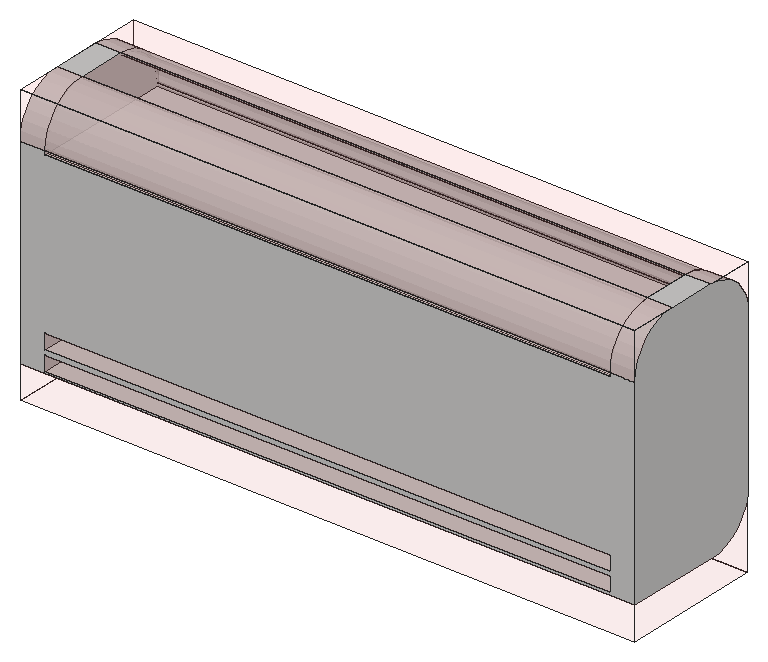
Revit family "Air-Curtain_Climate-Control_PoweredAire_EVE-Unheated", category Mechanical Equipment, host Face, Revit 2024
Family settings
  Host = Face
  Round Connector Dimension = Use Diameter
  Part Type = Normal
  OmniClass Number = 23.75.35.17.21
  OmniClass Title = Air Curtains
  Cut with Voids When Loaded = No
  Maintain Annotation Orientation = No
  Shared = No
  Room Calculation Point = No
Parameters
  Warranty Duration (Years) = 0
  Unit Width Notes = "Other Widths available."  # constant formula
  Unit Width = 3' - 1"
  Unit Weight = 59
  Unit Height = 0' - 8 1/2"  # constant formula
  Unit Depth = 1' - 2 205/256"  # constant formula
  URL = "http://www.poweredaire.com/"
  Test Data = ""
  Temperature Rise_Range = "27"
  Standards Conformance = "ETL  ;  Made in USA"
  Specification = "http://www.arcat.com/sdspecs/htm04/23_34_33pai.htm"
  SpecWizard = ""
  Sound Pressure = "53 dBA"
  Sales Information = "https://poweredaire.com/contact"
  Revision = ""
  Projection from Host [instance] = 0' - 2"
  Product Properties = ""
  Product Data = "http://www.arcat.com/arcatcos/cos47/arc47623.html"
  Power Rating = 0 W
  Outlet Volume_Range = "961 CFM"
  Outlet Velocity_Range = "1316 FPM"
  Nozzle Width = 2' - 11"
  Mounting Width = Unit Width - 0' 1"  # 3' - 0"
  Mounting Height [instance] = 3' - 6"
  Motor RPM = 1075
  Motor HP = 0.2
  Motor Count = 1
  Model = "EVE-1-36E"
  Max Height = 12' - 0"
  Manufacturer Website = "http://www.poweredaire.com/"
  Manufacturer Phone - Toll Free = "888-321-2473"
  Manufacturer Phone = "724-588-3305"
  Manufacturer Fax = "724-588-3371"
  Manufacturer Address = "109 Mortensen Rd.  Greenville, PA 16125"
  Manufacturer = "Powered Aire, Inc"
  Maintenance Schedule (Months) = 0
  Keynote = "23 34 33"
  Installation-Fabrication = ""
  Installation Phase = ""
  Include Clearance [instance] = yes
  Heating Element Load = 0 W
  HVAC_Temperature Rise [instance] = 0 °F
  HVAC_Outlet Volume [instance] = 0 CFM
  HVAC_Outlet Velocity Uniformity = 0.87
  HVAC_Outlet Velocity [instance] = 0 FPM
  Green Building-LEED = "http://www.arcat.com/green/clients/leed_data_47623.html"
  Front Grating Material [instance] = Metal - Steel - PoweredAire - Stainless 304 Perforated
  Frame Finish [instance] = Metal - Steel - PoweredAire - Stainless 304
  Expected Lifespan (Years) = 0
  Electrical_Wattage [instance] = Power Rating + Heating Element Load  # 0 W
  Electrical_Voltage [instance] = 0 V
  Electrical_Phase [instance] = 2
  Electrical_Frequency [instance] = 0 Hz
  Electrical_Amperage [instance] = 0 A
  Drawn By = ""
  Description = "Powered Aire Electrically Heated Climate Control Air Curtain - EVE-1-36E as Specified"
  Default Elevation = 0' - 0"  # constant formula
  Copyright = "©Arcat Inc."
  Construction Details = "http://www.arcat.com/details/powair/prod3336.html"
  Clearance_Top [instance] = 0' - 0"
  Clearance_Side B [instance] = 0' - 0"
  Clearance_Side A [instance] = 0' - 0"
  Clearance_Intake [instance] = 0' - 0"
  Clearance_Bottom [instance] = 0' - 0"
  Clearance Material [instance] = ARCAT Clearance
  Building Codes = ""
  Available Options [instance] = "as Specified"
  Assembly Code = "D3090400"
Reference planes (in)
  plane 1 "Center (Elevation)": y = 0.13818
  plane 2: z = 0
  plane 3 "Center (Left/Right)": x = 0
  plane 4: y = 4.38818
  plane 5: y = -4.11182
  plane 6: x = -18.5
  plane 7: x = 18.5
  plane 8: z = 16.80078
  plane 9 "FF": y = -41.86182
  plane 10: z = 2
  plane 11: x = 17
  plane 12: x = -17
  plane 13 "CL-3": y = 4.38818
  plane 14 "CL-2": y = -4.11182
  plane 15: x = -18.5
  plane 16: x = 18.5
  plane 17 "CL-1": z = 16.80078
  plane 18: z = 13.80078
Forms (in)
  Extrusion 1, solid, material "Metal - Steel - PoweredAire - Stainless 304" <- "Frame Finish"
    sketch origin (0, 0, 0) x (0, 1, 0) y (0, 0, 1)
      loop
        line (-4.11182, 14) -> (-4.11182, 2) -> (1.58818, 2)
        arc (1.58818, 2) -> (3.56808, 2.8201) -> (4.38818, 4.8) r 2.8
        line (4.38818, 4.8) -> (4.38818, 14)
        arc (4.38818, 14) -> (3.56808, 15.9799) -> (1.58818, 16.8) r 2.8
        line (1.58818, 16.8) -> (-1.31182, 16.80078)
        arc (-1.31182, 16.80078) -> (-3.29172, 15.9799) -> (-4.11182, 14) r 2.8
    from 17 to 18.5
  Extrusion 2, solid, material "Metal - Steel - PoweredAire - Stainless 304 Perforated" <- "Front Grating Material"
    sketch origin (0, 0, 0) x (0, 1, 0) y (0, 0, 1)
      loop
        arc (-1.31182, 16.8) -> (-3.29172, 15.9799) -> (-4.11182, 14) r 2.8
        line (-4.11182, 14) -> (-4.11182, 13.80078) -> (-3.98682, 13.80078) -> (-3.98682, 14)
        arc (-3.98682, 14) -> (-3.20333, 15.89151) -> (-1.31182, 16.675) r 2.675
        line (-1.31182, 16.675) -> (1.58818, 16.67578)
        arc (1.58818, 16.67578) -> (3.47969, 15.89151) -> (4.26318, 14) r 2.675
        line (4.26318, 14) -> (4.26318, 13.80078) -> (4.38818, 13.80078) -> (4.38818, 14)
        arc (4.38818, 14) -> (3.56808, 15.9799) -> (1.58818, 16.8) r 2.8
        line (1.58818, 16.8) -> (-1.31182, 16.8)
    from -17 to 17
  Extrusion 3, solid, material "ARCAT Clearance" <- "Clearance Material", visible <- "Include Clearance"
    sketch origin (0, 0, 0) x (0, 1, 0) y (0, 0, 1)
      loop
        line (-4.11182, 16.80078) -> (-4.11182, 0) -> (4.38818, 0) -> (4.38818, 16.80078) -> (-4.11182, 16.80078)
    from -18.5 to 18.5
  Extrusion 4, solid, material "Metal - Steel - PoweredAire - Stainless 304" <- "Frame Finish"
    sketch origin (0, 0, 0) x (0, 1, 0) y (0, 0, 1)
      loop
        line (-4.11182, 14) -> (-4.11182, 2) -> (1.58818, 2)
        arc (1.58818, 2) -> (3.56808, 2.8201) -> (4.38818, 4.8) r 2.8
        line (4.38818, 4.8) -> (4.38818, 14)
        arc (4.38818, 14) -> (3.56808, 15.9799) -> (1.58818, 16.8) r 2.8
        line (1.58818, 16.8) -> (-1.31182, 16.80078)
        arc (-1.31182, 16.80078) -> (-3.29172, 15.9799) -> (-4.11182, 14) r 2.8
    from -18.5 to -17
  Extrusion 5, solid, material "Metal - Steel - PoweredAire - Stainless 304" <- "Frame Finish"
    sketch origin (0, 0, 0) x (0, 1, 0) y (0, 0, 1)
      loop
        line (-4.11182, 13.80078) -> (-4.11182, 4.2) -> (-1.86182, 4.2) -> (-1.86182, 3.2875) -> (-4.11182, 3.2875) -> (-4.11182, 3.0375) -> (-1.86182, 3.0375) -> (-1.86182, 2.125) -> (-4.11182, 2.125) -> (-4.11182, 2) -> (1.58818, 2)
        arc (1.58818, 2) -> (3.56808, 2.8201) -> (4.38818, 4.8) r 2.8
        line (4.38818, 4.8) -> (4.38818, 13.80078) -> (-4.11182, 13.80078)
    from -17 to 17
Cuts and joins
  joined: Extrusion 1, Extrusion 4, Extrusion 5
Dimensions and locks (in)
  equal spacing: plane 4, plane 1 "Center (Elevation)", plane 5
  "Unit Height": plane 4 to plane 5
  equal spacing: plane 6, plane 3 "Center (Left/Right)", plane 7
  "Unit Width": plane 6 to plane 7
  "Mounting Height": plane 1 "Center (Elevation)" to plane 9 "FF"
  "Projection from Host": plane 10 to level
  "Unit Depth": plane 8 to plane 10
  locked: plane 6 to plane 12 at 1.5
  locked: plane 11 to plane 7 at 1.5
  "Clearance_Side A": plane 7 to plane 16
  "Clearance_Side B": plane 15 to plane 6
  "Clearance_Top": plane 13 "CL-3" to plane 4
  "Clearance_Bottom": plane 5 to plane 14 "CL-2"
  "Clearance_Intake": plane 17 "CL-1" to plane 8
  locked: plane 8 to plane 18 at 3
  locked: Extrusion 2 sketch curve to plane 18 at 0.19922  (x2)
  locked: Extrusion 1 sketch curve to plane 18 at 0.19922  (x2)
  locked: Extrusion 4 sketch curve to plane 18 at 0.19922  (x2)
  locked: plane 5 to Extrusion 5 sketch curve at 2.25
  Extrusion 5 sketch curve to Extrusion 5 sketch curve to Extrusion 5 sketch curve to Extrusion 5 sketch curve to plane 10 = 0' - 0.9125" locked, 0' - 0 1/4" locked, 0' - 0.9125" locked, 0' - 0 1/8" locked
  locked: plane 8 to Extrusion 2 sketch curve at 0.125
  aligned and locked: plane 2 to host face
  aligned and locked: level to host face
  aligned and locked: plane 7 to Extrusion 1
  aligned and locked: Extrusion 1 to plane 11
  aligned and locked: plane 11 to Extrusion 2
  aligned and locked: Extrusion 2 to plane 12
  aligned and locked: Extrusion 3 sketch curve to plane 17 "CL-1"
  aligned and locked: plane 14 "CL-2" to Extrusion 3 sketch curve
  aligned and locked: level to Extrusion 3 sketch curve
  aligned and locked: Extrusion 3 sketch curve to plane 13 "CL-3"
  aligned and locked: plane 16 to Extrusion 3
  aligned and locked: Extrusion 3 to plane 15
  aligned and locked: plane 12 to Extrusion 4
  aligned and locked: Extrusion 4 to plane 6
  aligned and locked: Extrusion 2 sketch curve to plane 18  (x2)
  aligned and locked: Extrusion 4 sketch curve to plane 10
  aligned and locked: Extrusion 1 sketch curve to plane 10
  aligned and locked: Extrusion 5 sketch curve to plane 18
  aligned and locked: Extrusion 5 sketch curve to plane 10
  aligned and locked: Extrusion 5 to plane 12
  aligned and locked: plane 11 to Extrusion 5
  aligned and locked: plane 8 to Extrusion 1 sketch curve
  aligned and locked: plane 8 to Extrusion 4 sketch curve
  aligned and locked: plane 8 to Extrusion 2 sketch curve
  aligned and locked: Extrusion 5 sketch curve to plane 5  (x2)
  aligned and locked: plane 5 to Extrusion 5 sketch curve
  aligned and locked: plane 4 to Extrusion 1 sketch curve
  aligned and locked: plane 4 to Extrusion 2 sketch curve
  aligned and locked: Extrusion 5 sketch curve to plane 4
Automatic sketch dimensions
  host sketch curve to host sketch curve = 8' - 0"  (x2)
  plane 5 to Extrusion 1 sketch curve = 0' - 2.8"
  plane 1 "Center (Elevation)" to Extrusion 1 sketch curve = 0' - 1.45"
  Extrusion 1 sketch curve to plane 1 "Center (Elevation)" = 0' - 1.45"  (x2)
  Extrusion 1 sketch curve to Extrusion 1 sketch curve = 0' - 0"
  Extrusion 1 sketch curve to plane 5 = 0' - 0"
  Extrusion 4 sketch curve to plane 5 = 0' - 0"
  Extrusion 4 sketch curve to plane 4 = 0' - 0"
  plane 1 "Center (Elevation)" to Extrusion 4 sketch curve = 0' - 1.45"
  Extrusion 4 sketch curve to plane 1 "Center (Elevation)" = 0' - 1.45"  (x2)
  Extrusion 4 sketch curve to Extrusion 4 sketch curve = 0' - 0"  (x2)
  Extrusion 2 sketch curve to plane 4 = 0' - 2.8"
  Extrusion 2 sketch curve to plane 1 "Center (Elevation)" = 0' - 1.45"
  Extrusion 2 sketch curve to Extrusion 2 sketch curve = 0' - 0"  (x6)
  plane 5 to Extrusion 2 sketch curve = 0' - 0 1/8"
  Extrusion 2 sketch curve to plane 4 = 0' - 0 1/8"
  plane 5 to Extrusion 2 sketch curve = 0' - 2.8"
  Extrusion 2 sketch curve to plane 5 = 0' - 0"
  Extrusion 5 sketch curve to Extrusion 5 sketch curve = 0' - 0"
  Extrusion 5 sketch curve to plane 1 "Center (Elevation)" = 0' - 1.45"
  Extrusion 2 sketch curve to Extrusion 2 sketch curve = 0' - 0.00078"
Connectors (in)
  electrical at (-18.5, 0.34532, 10.05725), driven by "Electrical_Voltage", driven by "Electrical_Phase"
    settings: on cut or joined group of Extrusion 1, Extrusion 4, Extrusion 5, index 1, voltage 0 V, apparent load 0 VA, apparent load phase1 0 VA, apparent load phase2 0 VA, apparent load phase3 0 VA, power factor 1, load classification "Other", number of poles 2, system type 31, power factor state 1, is connector primary yes, connector utility no, sub classification motor no, connector description "Power Connector"
